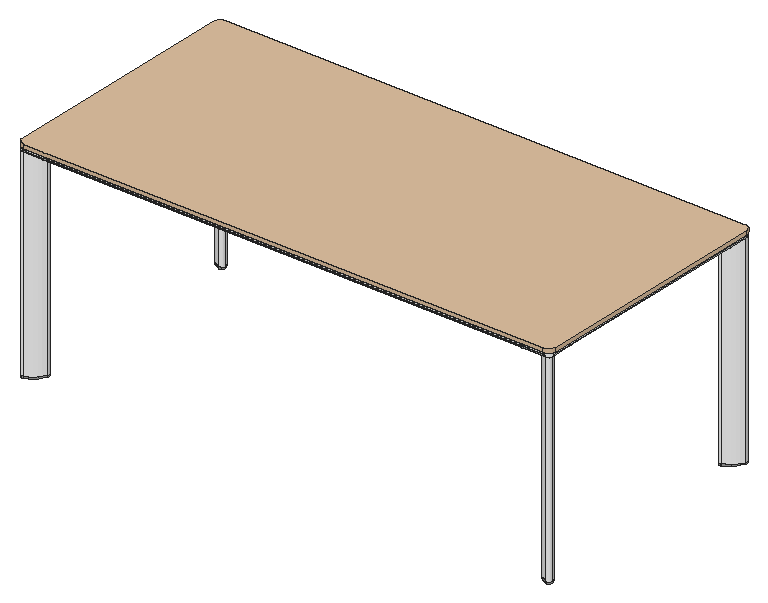
Revit family "FU_Table_Sandler_Laminar 0918", category Furniture, Revit 2020
Family settings
  OmniClass Number = 23.40.20.00
  OmniClass Title = General Furniture and Specialties
  Work Plane-Based = No
  Always vertical = Yes
  Cut with Voids When Loaded = No
  Shared = No
  Room Calculation Point = No
Parameters (values of type "Laminar 0918 (Dining Height)")
  Width = 1900 mm
  URL = "https://www.sandlerseating.com/product/laminar-0918/"
  Top [instance] = Wood - Oak - Natural - V
  Model = "Laminar 0918"
  Manufacturer = "Sandler"
  Height = 750 mm
  Frame [instance] = Epoxy - M1_W01 - White
  Description = "190cm x 90cm / 71″ x 36″ table on epoxy painted frame."
  Depth = 900 mm
  Default Elevation = 0 mm
Types (4, lengths in mm): name | Top | Height | Frame
  (no name) | Wood - Oak - Natural - V | 750 | Epoxy - M1_W01 - White
  Laminar 0918 (Dining Height) | Wood - Oak - Natural - V | 750 | Epoxy - M1_W01 - White
  Laminar 0918 (Counter Height) | Wood - Oak - Black - V | 900 | Epoxy - M2_V16
  Laminar 0918 (Bar Height) | HPL - Solid - White | 1050 | Epoxy - M1_B00 - Black
Reference planes
  plane 1 "Center (Front/Back)": y = 0
  plane 2: z = 0
  plane 3 "Center (Left/Right)": x = 0
  plane 4 "Right": x = -950
  plane 5 "Left": x = 950
  plane 6 "Back": y = 450
  plane 7 "Front": y = -450
  plane 8 "Height": z = 750
  plane 9 "Top Frame Base": z = 737
  plane 10 "Frame Edge Right TOP": x = -855
  plane 11 "Frame Edge Left TOP": x = 855
  plane 12 "Frame Edge Front TOP": y = -355
  plane 13 "Frame Edge Back TOP": y = 355
  plane 14 "Right Leg C TOP": x = -912.984
  plane 15 "Back Leg C TOP": y = 412.984
  plane 16 "Front Leg C TOP": y = -412.984
  plane 17 "Left C TOP": x = 912.984
  plane 18 "Glide Height": z = 6
  plane 19 "Frame Base FRONT": z = 696.108
Forms (mm)
  Extrusion 1, solid, material "Wood - Oak - Natural - V" <- "Top"
    sketch origin (0, 0, 750) x (-1, 0, 0) y (0, -1, 0)
      loop
        arc (925, -450) -> (942.678, -442.678) -> (950, -425) r 25
        line (950, -425) -> (950, 425)
        arc (950, 425) -> (942.678, 442.678) -> (925, 450) r 25
        line (925, 450) -> (-925, 450)
        arc (-925, 450) -> (-942.678, 442.678) -> (-950, 425) r 25
        line (-950, 425) -> (-950, -425)
        arc (-950, -425) -> (-942.678, -442.678) -> (-925, -450) r 25
        line (-925, -450) -> (925, -450)
    from 0 to -13
  Sweep 2, solid, material "Epoxy - M1_W01 - White" <- "Frame"
    path origin (0, 0, 737) x (-1, 0, 0) y (0, -1, 0)
      loop
        line (-855, 450) -> (855, 450)
    profile "Pro_Laminar_Frame : Pro_Laminar_Frame" origin (0, -450, 737) x (0, -1, 0) y (0, 0, 1)
      loop
        arc (-78.25, 0) -> (-78.959, -0.294) -> (-79.252, -1.003) r 1.003
        line (-79.252, -1.003) -> (-79.252, -40.038)
        arc (-79.252, -40.038) -> (-78.971, -40.718) -> (-78.29, -41) r 0.962
        line (-78.29, -41) -> (-56.47, -41)
        arc (-56.47, -41) -> (-49.536, -40.019) -> (-43.146, -37.154) r 25
        line (-43.146, -37.154) -> (-3.835, -12.393)
        arc (-3.835, -12.393) -> (-2.123, -10.579) -> (-1.5, -8.162) r 5
        line (-1.5, -8.162) -> (-1.5, -0.534)
        arc (-1.5, -0.534) -> (-1.656, -0.156) -> (-2.034, 0) r 0.534
        line (-2.034, 0) -> (-78.25, 0)
  Sweep 3, solid, material "Epoxy - M1_W01 - White" <- "Frame"
    path origin (0, 0, 737) x (-1, 0, 0) y (0, -1, 0)
      loop
        line (950, 355) -> (950, -355)
    profile "Pro_Laminar_Frame : Pro_Laminar_Frame" origin (-950, 0, 737) x (-1, 0, 0) y (0, 0, 1)
      loop
        arc (-78.25, 0) -> (-78.959, -0.294) -> (-79.252, -1.003) r 1.003
        line (-79.252, -1.003) -> (-79.252, -40.038)
        arc (-79.252, -40.038) -> (-78.971, -40.718) -> (-78.29, -41) r 0.962
        line (-78.29, -41) -> (-56.47, -41)
        arc (-56.47, -41) -> (-49.536, -40.019) -> (-43.146, -37.154) r 25
        line (-43.146, -37.154) -> (-3.835, -12.393)
        arc (-3.835, -12.393) -> (-2.123, -10.579) -> (-1.5, -8.162) r 5
        line (-1.5, -8.162) -> (-1.5, -0.534)
        arc (-1.5, -0.534) -> (-1.656, -0.156) -> (-2.034, 0) r 0.534
        line (-2.034, 0) -> (-78.25, 0)
  Sweep 4, solid, material "Epoxy - M1_W01 - White" <- "Frame"
    path origin (0, 0, 737) x (-1, 0, 0) y (0, -1, 0)
      loop
        line (855, -450) -> (-855, -450)
    profile "Pro_Laminar_Frame : Pro_Laminar_Frame" origin (0, 450, 737) x (0, 1, 0) y (0, 0, 1)
      loop
        arc (-78.25, 0) -> (-78.959, -0.294) -> (-79.252, -1.003) r 1.003
        line (-79.252, -1.003) -> (-79.252, -40.038)
        arc (-79.252, -40.038) -> (-78.971, -40.718) -> (-78.29, -41) r 0.962
        line (-78.29, -41) -> (-56.47, -41)
        arc (-56.47, -41) -> (-49.536, -40.019) -> (-43.146, -37.154) r 25
        line (-43.146, -37.154) -> (-3.835, -12.393)
        arc (-3.835, -12.393) -> (-2.123, -10.579) -> (-1.5, -8.162) r 5
        line (-1.5, -8.162) -> (-1.5, -0.534)
        arc (-1.5, -0.534) -> (-1.656, -0.156) -> (-2.034, 0) r 0.534
        line (-2.034, 0) -> (-78.25, 0)
  Sweep 5, solid, material "Epoxy - M1_W01 - White" <- "Frame"
    path origin (0, 0, 737) x (-1, 0, 0) y (0, -1, 0)
      loop
        line (-950, 355) -> (-950, -355)
    profile "Pro_Laminar_Frame : Pro_Laminar_Frame" origin (950, 0, 737) x (-1, 0, 0) y (0, 0, 1)
      loop
        line (78.25, 0) -> (2.034, 0)
        arc (2.034, 0) -> (1.656, -0.156) -> (1.5, -0.534) r 0.534
        line (1.5, -0.534) -> (1.5, -8.162)
        arc (1.5, -8.162) -> (2.123, -10.579) -> (3.835, -12.393) r 5
        line (3.835, -12.393) -> (43.146, -37.154)
        arc (43.146, -37.154) -> (49.536, -40.019) -> (56.47, -41) r 25
        line (56.47, -41) -> (78.29, -41)
        arc (78.29, -41) -> (78.971, -40.718) -> (79.252, -40.038) r 0.962
        line (79.252, -40.038) -> (79.252, -1.003)
        arc (79.252, -1.003) -> (78.959, -0.294) -> (78.25, 0) r 1.003
  Sweep 6, solid, material "Epoxy - M1_W01 - White" <- "Frame"
    path origin (0, 412.984, 0) x (1, 0, 0) y (0, 0, 1)
      loop
        line (-912.984, 6) -> (-912.984, 737)
    profile "Pro_Laminar_Leg : Pro_Laminar_Leg" origin (-912.984, 412.984, 371.5) x (-1, 0, 0) y (0, -1, 0)
      loop
        arc (-16.792, 30.86) -> (-28.302, 28.302) -> (-30.86, 16.792) r 10.982
        arc (-30.86, 16.792) -> (-12.33, -12.33) -> (16.792, -30.86) r 79.547
        arc (16.792, -30.86) -> (28.302, -28.302) -> (30.86, -16.792) r 10.982
        arc (30.86, -16.792) -> (12.33, 12.33) -> (-16.792, 30.86) r 79.547
  Sweep 7, solid, material "Epoxy - M1_W01 - White" <- "Frame"
    path origin (0, -412.984, 0) x (1, 0, 0) y (0, 0, 1)
      loop
        line (-912.984, 6) -> (-912.984, 737)
    profile "Pro_Laminar_Leg : Pro_Laminar_Leg" origin (-912.984, -412.984, 371.5) x (-1, 0, 0) y (0, -1, 0)
      loop
        arc (-30.86, -16.792) -> (-28.302, -28.302) -> (-16.792, -30.86) r 10.982
        arc (-16.792, -30.86) -> (12.33, -12.33) -> (30.86, 16.792) r 79.547
        arc (30.86, 16.792) -> (28.302, 28.302) -> (16.792, 30.86) r 10.982
        arc (16.792, 30.86) -> (-12.33, 12.33) -> (-30.86, -16.792) r 79.547
  Sweep 8, solid, material "Epoxy - M1_W01 - White" <- "Frame"
    path origin (0, -412.984, 0) x (1, 0, 0) y (0, 0, 1)
      loop
        line (912.984, 6) -> (912.984, 737)
    profile "Pro_Laminar_Leg : Pro_Laminar_Leg" origin (912.984, -412.984, 371.5) x (-1, 0, 0) y (0, -1, 0)
      loop
        arc (-16.792, 30.86) -> (-28.302, 28.302) -> (-30.86, 16.792) r 10.982
        arc (-30.86, 16.792) -> (-12.33, -12.33) -> (16.792, -30.86) r 79.547
        arc (16.792, -30.86) -> (28.302, -28.302) -> (30.86, -16.792) r 10.982
        arc (30.86, -16.792) -> (12.33, 12.33) -> (-16.792, 30.86) r 79.547
  Sweep 9, solid, material "Epoxy - M1_W01 - White" <- "Frame"
    path origin (0, 412.984, 0) x (1, 0, 0) y (0, 0, 1)
      loop
        line (912.984, 6) -> (912.984, 737)
    profile "Pro_Laminar_Leg : Pro_Laminar_Leg" origin (912.984, 412.984, 371.5) x (-1, 0, 0) y (0, -1, 0)
      loop
        arc (-30.86, -16.792) -> (-28.302, -28.302) -> (-16.792, -30.86) r 10.982
        arc (-16.792, -30.86) -> (12.33, -12.33) -> (30.86, 16.792) r 79.547
        arc (30.86, 16.792) -> (28.302, 28.302) -> (16.792, 30.86) r 10.982
        arc (16.792, 30.86) -> (-12.33, 12.33) -> (-30.86, -16.792) r 79.547
  Sweep 10, solid, material "Rubber, Black"
    path origin (0, 412.984, 0) x (1, 0, 0) y (0, 0, 1)
      loop
        line (912.984, 0) -> (912.984, 6)
    profile "Pro_Laminar_Leg : Pro_Laminar_Leg" origin (912.984, 412.984, 3) x (-1, 0, 0) y (0, -1, 0)
      loop
        arc (-30.86, -16.792) -> (-28.302, -28.302) -> (-16.792, -30.86) r 10.982
        arc (-16.792, -30.86) -> (12.33, -12.33) -> (30.86, 16.792) r 79.547
        arc (30.86, 16.792) -> (28.302, 28.302) -> (16.792, 30.86) r 10.982
        arc (16.792, 30.86) -> (-12.33, 12.33) -> (-30.86, -16.792) r 79.547
  Sweep 11, solid, material "Rubber, Black"
    path origin (0, 412.984, 0) x (1, 0, 0) y (0, 0, 1)
      loop
        line (-912.984, 0) -> (-912.984, 6)
    profile "Pro_Laminar_Leg : Pro_Laminar_Leg" origin (-912.984, 412.984, 3) x (-1, 0, 0) y (0, -1, 0)
      loop
        arc (-16.792, 30.86) -> (-28.302, 28.302) -> (-30.86, 16.792) r 10.982
        arc (-30.86, 16.792) -> (-12.33, -12.33) -> (16.792, -30.86) r 79.547
        arc (16.792, -30.86) -> (28.302, -28.302) -> (30.86, -16.792) r 10.982
        arc (30.86, -16.792) -> (12.33, 12.33) -> (-16.792, 30.86) r 79.547
  Sweep 12, solid, material "Rubber, Black"
    path origin (0, -412.984, 0) x (1, 0, 0) y (0, 0, 1)
      loop
        line (-912.984, 0) -> (-912.984, 6)
    profile "Pro_Laminar_Leg : Pro_Laminar_Leg" origin (-912.984, -412.984, 3) x (-1, 0, 0) y (0, -1, 0)
      loop
        arc (-30.86, -16.792) -> (-28.302, -28.302) -> (-16.792, -30.86) r 10.982
        arc (-16.792, -30.86) -> (12.33, -12.33) -> (30.86, 16.792) r 79.547
        arc (30.86, 16.792) -> (28.302, 28.302) -> (16.792, 30.86) r 10.982
        arc (16.792, 30.86) -> (-12.33, 12.33) -> (-30.86, -16.792) r 79.547
  Sweep 13, solid, material "Rubber, Black"
    path origin (0, -412.984, 0) x (1, 0, 0) y (0, 0, 1)
      loop
        line (912.984, 0) -> (912.984, 6)
    profile "Pro_Laminar_Leg : Pro_Laminar_Leg" origin (912.984, -412.984, 3) x (-1, 0, 0) y (0, -1, 0)
      loop
        arc (-16.792, 30.86) -> (-28.302, 28.302) -> (-30.86, 16.792) r 10.982
        arc (-30.86, 16.792) -> (-12.33, -12.33) -> (16.792, -30.86) r 79.547
        arc (16.792, -30.86) -> (28.302, -28.302) -> (30.86, -16.792) r 10.982
        arc (30.86, -16.792) -> (12.33, 12.33) -> (-16.792, 30.86) r 79.547
  Sweep 14, solid, material "Epoxy - M1_W01 - White" <- "Frame"
    path origin (0, 0, 737) x (-1, 0, 0) y (0, -1, 0)
      loop
        line (-855, 448.5) -> (-948.5, 448.5) -> (-948.5, 355)
    profile "Pro_Laminar_Frame : Pro_Laminar_Frame" origin (901.75, -448.5, 737) x (0, 1, 0) y (0, 0, 1)
      loop
        line (76.75, 0) -> (0.534, 0)
        arc (0.534, 0) -> (0.156, -0.156) -> (0, -0.534) r 0.534
        line (0, -0.534) -> (0, -8.162)
        arc (0, -8.162) -> (0.623, -10.579) -> (2.335, -12.393) r 5
        line (2.335, -12.393) -> (41.646, -37.154)
        arc (41.646, -37.154) -> (48.036, -40.019) -> (54.97, -41) r 25
        line (54.97, -41) -> (76.79, -41)
        arc (76.79, -41) -> (77.471, -40.718) -> (77.752, -40.038) r 0.962
        line (77.752, -40.038) -> (77.752, -1.003)
        arc (77.752, -1.003) -> (77.459, -0.294) -> (76.75, 0) r 1.003
  Extrusion 15, void
    sketch origin (0, 0, 737) x (-1, 0, 0) y (0, -1, 0)
      loop
        line (-924.12, 449.12) -> (-924.12, 464.12) -> (-964.12, 464.12) -> (-964.12, 424.12) -> (-949.12, 424.12)
        arc (-949.12, 424.12) -> (-941.798, 441.798) -> (-924.12, 449.12) r 25
    from -40.892 to 13
  Sweep 16, solid, material "Epoxy - M1_W01 - White" <- "Frame"
    path origin (0, 0, 737) x (1, 0, 0) y (0, -1, 0)
      loop
        line (-855, 448.5) -> (-948.5, 448.5) -> (-948.5, 355)
    profile "Pro_Laminar_Frame : Pro_Laminar_Frame" origin (-901.75, -448.5, 737) x (0, -1, 0) y (0, 0, 1)
      loop
        arc (-76.75, 0) -> (-77.459, -0.294) -> (-77.752, -1.003) r 1.003
        line (-77.752, -1.003) -> (-77.752, -40.038)
        arc (-77.752, -40.038) -> (-77.471, -40.718) -> (-76.79, -41) r 0.962
        line (-76.79, -41) -> (-54.97, -41)
        arc (-54.97, -41) -> (-48.036, -40.019) -> (-41.646, -37.154) r 25
        line (-41.646, -37.154) -> (-2.335, -12.393)
        arc (-2.335, -12.393) -> (-0.623, -10.579) -> (0, -8.162) r 5
        line (0, -8.162) -> (0, -0.534)
        arc (0, -0.534) -> (-0.156, -0.156) -> (-0.534, 0) r 0.534
        line (-0.534, 0) -> (-76.75, 0)
  Sweep 17, solid, material "Epoxy - M1_W01 - White" <- "Frame"
    path origin (0, 0, 737) x (1, 0, 0) y (0, 1, 0)
      loop
        line (-855, 448.5) -> (-948.5, 448.5) -> (-948.5, 355)
    profile "Pro_Laminar_Frame : Pro_Laminar_Frame" origin (-901.75, 448.5, 737) x (0, -1, 0) y (0, 0, 1)
      loop
        line (76.75, 0) -> (0.534, 0)
        arc (0.534, 0) -> (0.156, -0.156) -> (0, -0.534) r 0.534
        line (0, -0.534) -> (0, -8.162)
        arc (0, -8.162) -> (0.623, -10.579) -> (2.335, -12.393) r 5
        line (2.335, -12.393) -> (41.646, -37.154)
        arc (41.646, -37.154) -> (48.036, -40.019) -> (54.97, -41) r 25
        line (54.97, -41) -> (76.79, -41)
        arc (76.79, -41) -> (77.471, -40.718) -> (77.752, -40.038) r 0.962
        line (77.752, -40.038) -> (77.752, -1.003)
        arc (77.752, -1.003) -> (77.459, -0.294) -> (76.75, 0) r 1.003
  Sweep 18, solid, material "Epoxy - M1_W01 - White" <- "Frame"
    path origin (0, 0, 737) x (-1, 0, 0) y (0, 1, 0)
      loop
        line (-855, 448.5) -> (-948.5, 448.5) -> (-948.5, 355)
    profile "Pro_Laminar_Frame : Pro_Laminar_Frame" origin (901.75, 448.5, 737) x (0, 1, 0) y (0, 0, 1)
      loop
        arc (-76.75, 0) -> (-77.459, -0.294) -> (-77.752, -1.003) r 1.003
        line (-77.752, -1.003) -> (-77.752, -40.038)
        arc (-77.752, -40.038) -> (-77.471, -40.718) -> (-76.79, -41) r 0.962
        line (-76.79, -41) -> (-54.97, -41)
        arc (-54.97, -41) -> (-48.036, -40.019) -> (-41.646, -37.154) r 25
        line (-41.646, -37.154) -> (-2.335, -12.393)
        arc (-2.335, -12.393) -> (-0.623, -10.579) -> (0, -8.162) r 5
        line (0, -8.162) -> (0, -0.534)
        arc (0, -0.534) -> (-0.156, -0.156) -> (-0.534, 0) r 0.534
        line (-0.534, 0) -> (-76.75, 0)
  Extrusion 19, void
    sketch origin (0, 0, 737) x (1, 0, 0) y (0, 1, 0)
      loop
        arc (-924.12, -449.12) -> (-941.798, -441.798) -> (-949.12, -424.12) r 25
        line (-949.12, -424.12) -> (-964.12, -424.12) -> (-964.12, -464.12) -> (-924.12, -464.12) -> (-924.12, -449.12)
    from -40.892 to 13
  Extrusion 20, void
    sketch origin (0, 0, 737) x (1, 0, 0) y (0, 1, 0)
      loop
        line (-924.12, 449.12) -> (-924.12, 464.12) -> (-964.12, 464.12) -> (-964.12, 424.12) -> (-949.12, 424.12)
        arc (-949.12, 424.12) -> (-941.798, 441.798) -> (-924.12, 449.12) r 25
    from -40.892 to 13
  Extrusion 21, void
    sketch origin (0, 0, 737) x (-1, 0, 0) y (0, -1, 0)
      loop
        arc (-924.12, -449.12) -> (-941.798, -441.798) -> (-949.12, -424.12) r 25
        line (-949.12, -424.12) -> (-964.12, -424.12) -> (-964.12, -464.12) -> (-924.12, -464.12) -> (-924.12, -449.12)
    from -40.892 to 13
Cuts and joins
  Extrusion 20 cuts Sweep 17
  Extrusion 21 cuts Sweep 18
  Extrusion 15 cuts Sweep 14
  Extrusion 19 cuts Sweep 16
Dimensions and locks
  equal spacing: plane 4 "Right", plane 3 "Center (Left/Right)", plane 5 "Left"
  "Width": plane 4 "Right" to plane 5 "Left"
  equal spacing: plane 6 "Back", plane 1 "Center (Front/Back)", plane 7 "Front"
  "Depth": plane 6 "Back" to plane 7 "Front"
  "Height": plane 8 "Height" to level
  locked: plane 8 "Height" to plane 9 "Top Frame Base" at 13
  plane 4 "Right" to plane 14 "Right Leg C TOP" to plane 10 "Frame Edge Right TOP" = 37.016 mm locked, 57.984 mm locked
  plane 12 "Frame Edge Front TOP" to plane 16 "Front Leg C TOP" to plane 7 "Front" = 57.984 mm locked, 37.016 mm locked
  plane 6 "Back" to plane 15 "Back Leg C TOP" to plane 13 "Frame Edge Back TOP" = 37.016 mm locked, 57.984 mm locked
  plane 11 "Frame Edge Left TOP" to plane 17 "Left C TOP" to plane 5 "Left" = 57.984 mm locked, 37.016 mm locked
  locked: plane 18 "Glide Height" to plane 2 at 6
  aligned and locked: level to plane 2
  aligned and locked: plane 10 "Frame Edge Right TOP" to Sweep 2 sketch curve
  aligned and locked: plane 11 "Frame Edge Left TOP" to Sweep 2 sketch curve
  aligned and locked: plane 13 "Frame Edge Back TOP" to Sweep 3 sketch curve
  aligned and locked: plane 4 "Right" to Sweep 3 sketch curve
  aligned and locked: plane 10 "Frame Edge Right TOP" to Sweep 4 sketch curve
  aligned and locked: plane 11 "Frame Edge Left TOP" to Sweep 4 sketch curve
  aligned and locked: plane 13 "Frame Edge Back TOP" to Sweep 5 sketch curve
  aligned and locked: plane 12 "Frame Edge Front TOP" to Sweep 5 sketch curve
  aligned and locked: Extrusion 1 sketch curve to plane 4 "Right"
  aligned and locked: Extrusion 1 sketch curve to plane 6 "Back"
  aligned and locked: plane 7 "Front" to Extrusion 1 sketch curve
  aligned and locked: plane 5 "Left" to Extrusion 1 sketch curve
  aligned and locked: plane 9 "Top Frame Base" to Sweep 6 sketch curve
  aligned and locked: plane 18 "Glide Height" to Sweep 6 sketch curve
  aligned and locked: plane 9 "Top Frame Base" to Sweep 7 sketch curve
  aligned and locked: plane 18 "Glide Height" to Sweep 7 sketch curve
  aligned and locked: plane 9 "Top Frame Base" to Sweep 8 sketch curve
  aligned and locked: plane 18 "Glide Height" to Sweep 8 sketch curve
  aligned and locked: plane 9 "Top Frame Base" to Sweep 9 sketch curve
  aligned and locked: plane 18 "Glide Height" to Sweep 9 sketch curve
  aligned and locked: plane 18 "Glide Height" to Sweep 10 sketch curve
  aligned and locked: plane 2 to Sweep 10 sketch curve
  aligned and locked: plane 18 "Glide Height" to Sweep 11 sketch curve
  aligned and locked: plane 2 to Sweep 11 sketch curve
  aligned and locked: plane 2 to Sweep 12 sketch curve
  aligned and locked: plane 18 "Glide Height" to Sweep 12 sketch curve
  aligned and locked: plane 2 to Sweep 13 sketch curve
  aligned and locked: plane 18 "Glide Height" to Sweep 13 sketch curve
  aligned and locked: Extrusion 15 to plane 19 "Frame Base FRONT"
  aligned and locked: plane 8 "Height" to Extrusion 15
  aligned and locked: Sweep 18 to plane 11 "Frame Edge Left TOP"
  aligned and locked: Sweep 18 to plane 13 "Frame Edge Back TOP"
  aligned and locked: Sweep 14 to plane 12 "Frame Edge Front TOP"
  aligned and locked: Sweep 14 to plane 11 "Frame Edge Left TOP"
  aligned and locked: Sweep 16 to plane 10 "Frame Edge Right TOP"
  aligned and locked: Sweep 16 to plane 12 "Frame Edge Front TOP"
  aligned and locked: Sweep 17 to plane 13 "Frame Edge Back TOP"
  aligned and locked: Sweep 17 to plane 10 "Frame Edge Right TOP"
Automatic sketch dimensions
  Extrusion 1 sketch curve to plane 15 "Back Leg C TOP" = 12.016 mm
  Extrusion 1 sketch curve to plane 17 "Left C TOP" = 12.016 mm
  plane 14 "Right Leg C TOP" to Extrusion 1 sketch curve = 12.016 mm  (x2)
  Sweep 2 sketch curve to plane 7 "Front" = 0 mm
  plane 12 "Frame Edge Front TOP" to Sweep 3 sketch curve = 0 mm
  Sweep 4 sketch curve to plane 6 "Back" = 0 mm
  Sweep 5 sketch curve to plane 5 "Left" = 0 mm
  plane 14 "Right Leg C TOP" to Sweep 6 sketch curve = 0 mm
  plane 14 "Right Leg C TOP" to Sweep 7 sketch curve = 0 mm
  plane 17 "Left C TOP" to Sweep 8 sketch curve = 0 mm
  plane 17 "Left C TOP" to Sweep 9 sketch curve = 0 mm
  plane 17 "Left C TOP" to Sweep 10 sketch curve = 0 mm
  plane 14 "Right Leg C TOP" to Sweep 11 sketch curve = 0 mm
  plane 14 "Right Leg C TOP" to Sweep 12 sketch curve = 0 mm
  plane 17 "Left C TOP" to Sweep 13 sketch curve = 0 mm
  plane 12 "Frame Edge Front TOP" to Sweep 14 sketch curve = 0 mm
  Sweep 14 sketch curve to plane 11 "Frame Edge Left TOP" = 0 mm
  plane 5 "Left" to Sweep 14 sketch curve = 1.5 mm
  plane 7 "Front" to Sweep 14 sketch curve = 1.5 mm
  Extrusion 15 sketch curve to plane 5 "Left" = 14.12 mm
  plane 5 "Left" to Extrusion 15 sketch curve = 0.88 mm
  plane 7 "Front" to Extrusion 15 sketch curve = 0.88 mm
  Extrusion 15 sketch curve to plane 17 "Left C TOP" = 11.136 mm
  Extrusion 15 sketch curve to plane 7 "Front" = 14.12 mm
  plane 12 "Frame Edge Front TOP" to Sweep 16 sketch curve = 0 mm
  Sweep 16 sketch curve to plane 10 "Frame Edge Right TOP" = 0 mm
  plane 4 "Right" to Sweep 16 sketch curve = 1.5 mm
  Sweep 16 sketch curve to plane 7 "Front" = 1.5 mm
  Sweep 17 sketch curve to plane 13 "Frame Edge Back TOP" = 0 mm
  Sweep 17 sketch curve to plane 10 "Frame Edge Right TOP" = 0 mm
  Sweep 17 sketch curve to plane 4 "Right" = 1.5 mm
  Sweep 17 sketch curve to plane 6 "Back" = 1.5 mm
  Sweep 18 sketch curve to plane 13 "Frame Edge Back TOP" = 0 mm
  Sweep 18 sketch curve to plane 11 "Frame Edge Left TOP" = 0 mm
  Sweep 18 sketch curve to plane 5 "Left" = 1.5 mm
  plane 6 "Back" to Sweep 18 sketch curve = 1.5 mm
  Extrusion 19 sketch curve to plane 4 "Right" = 14.12 mm
  plane 4 "Right" to Extrusion 19 sketch curve = 0.88 mm
  Extrusion 19 sketch curve to plane 7 "Front" = 0.88 mm
  Extrusion 19 sketch curve to plane 14 "Right Leg C TOP" = 11.136 mm
  plane 7 "Front" to Extrusion 19 sketch curve = 14.12 mm
  plane 4 "Right" to Extrusion 20 sketch curve = 14.12 mm
  Extrusion 20 sketch curve to plane 4 "Right" = 0.88 mm
  Extrusion 20 sketch curve to plane 6 "Back" = 0.88 mm
  plane 14 "Right Leg C TOP" to Extrusion 20 sketch curve = 11.136 mm
  plane 6 "Back" to Extrusion 20 sketch curve = 14.12 mm
  plane 5 "Left" to Extrusion 21 sketch curve = 14.12 mm
  Extrusion 21 sketch curve to plane 5 "Left" = 0.88 mm
  plane 6 "Back" to Extrusion 21 sketch curve = 0.88 mm
  plane 17 "Left C TOP" to Extrusion 21 sketch curve = 11.136 mm
  Extrusion 21 sketch curve to plane 6 "Back" = 14.12 mm
